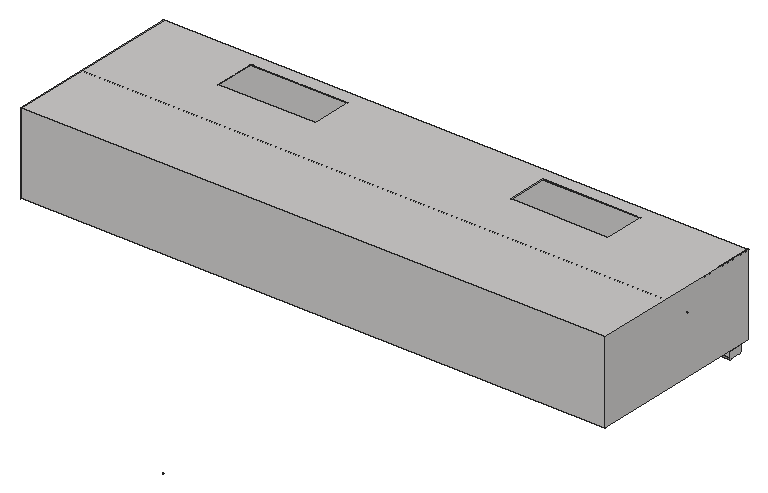
Revit family "QF_ELECTROLUXPROFESSIONAL_642021_EP1136T", category Attrezzature speciali, Revit 2021
Family settings
  Quota connettore circolare = Usa diametro
  Tipo di parte = Normale
  Basato su piano di lavoro = No
  Sempre verticale = Sì
  Taglio con vuoti quando caricato = No
  Condiviso = No
  Punto di calcolo locali = No
Parameters (values of type "Standard")
  Weight = 85.00 kg
  Watts = 0 W
  Volts = 0 V
  URL Manufacturer = "https://www.electroluxprofessional.com/"
  URL = "https://www.electroluxprofessional.com/"
  Steam Supply Size = 0 mm
  Steam Supply Minimum Pressure = 0.0 Pa
  Steam Supply Maximum Pressure = 0.0 Pa
  Steam Consumption per Hour = 0
  Refrigeration Suction Line Size = 0 mm
  Refrigeration Liquid Line Size = 0 mm
  Refrigerant Compressor Remote = yes
  Prospetto di default = 0 mm
  Produttore = "Electrolux Professional"
  Phase = 0
  Modello = "EP1136T"
  Length Actual = 3600 mm  # constant formula
  Item Number = "642021"
  Hot Water Size = 0 mm
  Height Actual = 500 mm  # constant formula
  HP = "0 HP"
  Gas Size = 0 mm
  Gas KW = 0
  Gas Input Pressure = 0 W
  Direct Waste Size = 0 mm
  Descrizione = "304 S/S WALL HOOD+FILTERS 3600X1100MM"
  Depth Actual = 1100 mm  # constant formula
  Cycle = 0 Hz
  Condensate Return Size = 0 mm
  Compressed Air Volume = 0.0 L/s
  Compressed Air Size = 0 mm
  Compressed Air Pressure = 0.0 Pa
  Cold Water Size = 0 mm
  Accessory = yes
Reference planes
  plane 1 "Center (Front/Back)": y = 0
  plane 2: z = 0
  plane 3 "Center (Left/Right)": x = 150
  plane 4 "LEFT": x = -1650
  plane 5 "RIGHT": x = 1950
  plane 6 "BACK": y = 550
  plane 7 "FRONT": y = -550
  plane 8 "TOP": z = 2500
  plane 9 "Base": z = 2000
  plane 10: z = 1926
  plane 11 "DrainY": y = 485
  plane 12: x = -1647
  plane 13: through (0, 414.509, 2000.8) normal (0, 0.7314, 0.682)
  plane 14: y = 470
  plane 15: y = 220
  plane 16 "DrainX": x = 1830
  plane 17: x = -450
  plane 18: x = 750
  plane 19: x = -1050
  plane 20: x = 1350
  plane 21: x = 1947
  plane 22: x = 1740
  plane 23: x = 1920
  plane 24: x = -1610
  plane 25: x = -1245
  plane 26: x = -850
  plane 27: x = 1910
  plane 28: x = 1545
  plane 29: x = 1150
  plane 30: x = -47.5
  plane 31: x = 347.5
Forms (mm)
  Extrusion 1, solid, material "QF_Finishes_Stainless Steel"
    sketch origin (-1650, 0, 360) x (0, 1, 0) y (0, 0, 1)
      loop
        line (550, 1640) -> (550, 2140) -> (-550, 2140) -> (-550, 1640) -> (550, 1640)
    from 0 to 3
  Extrusion 2, solid, material "QF_Finishes_Stainless Steel"
    sketch origin (150, 0, 360) x (0, 1, 0) y (0, 0, 1)
      loop
        line (415.255, 1640) -> (550, 1640) -> (550, 2139.19) -> (549.2, 2139.19) -> (549.2, 1640.8) -> (415.876, 1640.8) -> (339.347, 1722.867) -> (349.609, 1732.436) -> (348.927, 1733.167) -> (337.934, 1722.917) -> (415.255, 1640)
      loop
        line (-82.203, 2139.19) -> (-82.203, 2118.6) -> (-31.047, 2118.6) -> (34.354, 2048.466) -> (46.028, 2059.352) -> (45.346, 2060.083) -> (34.403, 2049.879) -> (-30.612, 2119.6) -> (-81.203, 2119.6) -> (-81.203, 2139.19) -> (-82.203, 2139.19)
    from -1797 to 1797
  Extrusion 3, solid, material "QF_Finishes_Stainless Steel"
    sketch origin (1950, 0, 360) x (0, 1, 0) y (0, 0, 1)
      loop
        line (550, 1640) -> (550, 2140) -> (-550, 2140) -> (-550, 1640) -> (550, 1640)
    from 0 to -3
  Extrusion 4, solid, material "QF_Finishes_Stainless Steel"
    sketch origin (150, 0, 360) x (0, 1, 0) y (0, 0, 1)
      loop
        line (-550, 2140) -> (-550, 1640) -> (-549.2, 1640) -> (-549.2, 2139.19) -> (550, 2139.19) -> (550, 2140) -> (-550, 2140)
    from -1800 to 1800
  Extrusion 5, solid, material "QF_Finishes_Stainless Steel"
    sketch origin (150, 0, 360) x (0, 1, 0) y (0, 0, 1)
      loop
        line (534, 1640) -> (436, 1640) -> (436, 1627) -> (443.5, 1627) -> (443.5, 1576)
        arc (443.5, 1576) -> (446.429, 1568.929) -> (453.5, 1566) r 10
        line (453.5, 1566) -> (516.5, 1566)
        arc (516.5, 1566) -> (523.571, 1568.929) -> (526.5, 1576) r 10
        line (526.5, 1576) -> (526.5, 1627) -> (534, 1627) -> (534, 1640)
    from 1590 to 1770
  Extrusion 6, solid, material "QF_Finishes_Stainless Steel"
    sketch origin (0, 0, 2000) x (0, 1, 0) y (-1, 0, 0)
      loop
        circle (485, -1830) r 20
    from -76 to -74
  Extrusion 7, solid, material "QF_Finished_Chrome"
    sketch origin (150, 0, 360) x (0, 1, 0) y (0, 0, 1)
      loop
        line (337.934, 1722.917) -> (341.591, 1726.327) -> (38.011, 2051.876) -> (34.354, 2048.466) -> (337.934, 1722.917)
    from -1395 to -1760
  Extrusion 8, solid, material "QF_Finished_Chrome"
    sketch origin (150, 0, 360) x (0, 1, 0) y (0, 0, 1)
      loop
        line (337.934, 1722.917) -> (341.591, 1726.327) -> (38.011, 2051.876) -> (34.354, 2048.466) -> (337.934, 1722.917)
    from -197.5 to -1000
  Extrusion 9, solid, material "QF_Finishes_Stainless Steel"
    sketch origin (150, 0, 360) x (0, 1, 0) y (0, 0, 1)
      loop
        line (337.934, 1722.917) -> (341.591, 1726.327) -> (38.011, 2051.876) -> (34.354, 2048.466) -> (337.934, 1722.917)
    from 1797 to 1760
  Extrusion 10, solid, material "QF_Finishes_Stainless Steel"
    sketch origin (150, 0, 360) x (0, 1, 0) y (0, 0, 1)
      loop
        line (341.588, 1726.324) -> (38.009, 2051.874) -> (34.354, 2048.466) -> (337.934, 1722.917) -> (341.588, 1726.324)
    from -1395 to -1000
  Extrusion 11, solid, material "QF_Finished_Chrome"
    sketch origin (150, 0, 360) x (0, 1, 0) y (0, 0, 1)
      loop
        line (341.588, 1726.324) -> (38.009, 2051.874) -> (34.354, 2048.466) -> (337.934, 1722.917) -> (341.588, 1726.324)
    from 1395 to 1760
  Extrusion 12, void
    sketch origin (0, 0, 2500) x (0, 1, 0) y (-1, 0, 0)
      loop
        line (470, 1050) -> (220, 1050) -> (220, 450) -> (470, 450) -> (470, 1050)
    from 0 to -10
  Extrusion 13, void
    sketch origin (940, 0, 2500) x (0, 1, 0) y (-1, 0, 0)
      loop
        line (470, 190) -> (220, 190) -> (220, -410) -> (470, -410) -> (470, 190)
    from 0 to -10
  Extrusion 14, solid, material "QF_Finishes_Stainless Steel"
    sketch origin (0, 0, 0) x (1, 0, 0) y (0, 1, 0)
      loop
        line (-1650, 550) -> (-1650, 549) -> (-1649, 549) -> (-1649, 550) -> (-1650, 550)
    from 0 to 1
  Extrusion 15, solid, material "QF_Finishes_Stainless Steel"
    sketch origin (150, 0, 360) x (0, 1, 0) y (0, 0, 1)
      loop
        line (337.934, 1722.917) -> (341.591, 1726.327) -> (38.011, 2051.876) -> (34.354, 2048.466) -> (337.934, 1722.917)
    from -1760 to -1797
  Extrusion 16, solid, material "QF_Finishes_Stainless Steel"
    sketch origin (150, 0, 360) x (0, 1, 0) y (0, 0, -1)
      loop
        line (341.588, -1726.324) -> (337.934, -1722.917) -> (34.354, -2048.466) -> (38.009, -2051.874) -> (341.588, -1726.324)
    from -1395 to -1000
  Extrusion 17, solid, material "QF_Finished_Chrome"
    sketch origin (150, 0, 360) x (0, 1, 0) y (0, 0, 1)
      loop
        line (337.934, 1722.917) -> (341.591, 1726.327) -> (38.011, 2051.876) -> (34.354, 2048.466) -> (337.934, 1722.917)
    from 1000 to 197.5
  Extrusion 18, solid, material "QF_Finishes_Stainless Steel"
    sketch origin (150, 0, 360) x (0, 1, 0) y (0, 0, -1)
      loop
        line (341.588, -1726.324) -> (337.934, -1722.917) -> (34.354, -2048.466) -> (38.009, -2051.874) -> (341.588, -1726.324)
    from -197.5 to 197.5
Cuts and joins
  Extrusion 12, Extrusion 13 cuts Extrusion 4
  joined: Extrusion 2, Extrusion 4
Lines and regions (mm)
  reference lines
    curve 1: line (150, 34.354, 2408.466) -> (150, 34.354, 2248.466)
  symbolic lines, style "SpecialityEquipment", detail levels coarse
    curve 2: line (1950, 550, 2500) -> (-1650, 550, 2500)
    curve 3: line (-1650, 550, 2500) -> (-1650, -550, 2500)
    curve 4: line (1950, -550, 2500) -> (1950, 550, 2500)
    curve 5: line (-1650, -550, 2500) -> (1950, -550, 2500)
    curve 6: line (-1050, 220, 2500) -> (-450, 220, 2500)
    curve 7: line (-1050, 470, 2500) -> (-1050, 220, 2500)
    curve 8: line (-450, 470, 2500) -> (-1050, 470, 2500)
    curve 9: line (-450, 220, 2500) -> (-450, 470, 2500)
    curve 10: line (750, 470, 2500) -> (750, 220, 2500)
    curve 11: line (750, 220, 2500) -> (1350, 220, 2500)
    curve 12: line (1350, 470, 2500) -> (750, 470, 2500)
    curve 13: line (1350, 220, 2500) -> (1350, 470, 2500)
    curve 14: line (-1650, 550, 0) -> (1950, -550, 0)
    curve 15: line (1950, 550, 0) -> (-1650, -550, 0)
Dimensions and locks
  plane 4 "LEFT" to plane 5 "RIGHT" = 3600 mm
  equal spacing: plane 4 "LEFT", plane 3 "Center (Left/Right)", plane 5 "RIGHT"
  plane 9 "Base" to plane 10 = 74 mm
  plane 6 "BACK" to plane 11 "DrainY" = 65 mm  (x2)
  plane 4 "LEFT" to plane 12 = 3 mm
  plane 6 "BACK" to plane 14 = 80 mm
  plane 14 to plane 15 = 250 mm  (x2)
  plane 16 "DrainX" to plane 5 "RIGHT" = 120 mm
  locked: plane 17 to plane 18 at 1200
  equal spacing: plane 17, plane 3 "Center (Left/Right)", plane 18
  plane 19 to plane 17 = 600 mm
  plane 18 to plane 20 = 600 mm
  plane 21 to plane 5 "RIGHT" = 3 mm
  locked: plane 22 to plane 16 "DrainX" at 90
  locked: plane 16 "DrainX" to plane 23 at 90
  plane 6 "BACK" to plane 7 "FRONT" = 1100 mm  (x2)
  equal spacing: plane 6 "BACK", plane 1 "Center (Front/Back)", plane 7 "FRONT"
  plane 15 to plane 7 "FRONT" = 770 mm
  plane 14 to plane 6 "BACK" = 80 mm
  locked: plane 4 "LEFT" to plane 24 at 40
  locked: plane 24 to plane 25 at 365
  locked: plane 25 to plane 26 at 395
  locked: plane 27 to plane 28 at 365
  locked: plane 28 to plane 29 at 395
  locked: plane 27 to plane 5 "RIGHT" at 40
  locked: plane 30 to plane 31 at 395
  equal spacing: plane 30, plane 3 "Center (Left/Right)", plane 31
  plane 26 to plane 30 = 802.5 mm
  plane 31 to plane 29 = 802.5 mm
  locked: plane 9 "Base" to level at 2000
  locked: plane 8 "TOP" to plane 9 "Base" at 500
  aligned and locked: level to plane 2
  aligned and locked: Extrusion 2 to Extrusion 1
  aligned and locked: Extrusion 2 to Extrusion 3
  aligned and locked: plane 5 "RIGHT" to Extrusion 4
  aligned and locked: Extrusion 4 to plane 4 "LEFT"
  aligned and locked: plane 21 to Extrusion 9
  aligned and locked: plane 19 to Extrusion 12
  aligned and locked: Extrusion 12 to plane 17
  aligned and locked: Extrusion 12 to plane 15
  aligned and locked: Extrusion 12 to plane 14
  aligned and locked: Extrusion 13 to plane 20
  aligned and locked: plane 18 to Extrusion 13
  aligned and locked: Extrusion 2 to Extrusion 4
  aligned and locked: plane 23 to Extrusion 5
  aligned and locked: Extrusion 5 to plane 22
  aligned and locked: Extrusion 9 to plane 27
  aligned and locked: Extrusion 11 to plane 27
  aligned and locked: Extrusion 11 to plane 28
  aligned and locked: Extrusion 8 to plane 26
  aligned and locked: plane 26 to Extrusion 10
  aligned and locked: Extrusion 10 to plane 25
  aligned and locked: plane 25 to Extrusion 7
  aligned and locked: Extrusion 7 to plane 24
  aligned and locked: Extrusion 15 to plane 12
  aligned and locked: plane 24 to Extrusion 15
  aligned and locked: Extrusion 16 to plane 29
  aligned and locked: Extrusion 16 to plane 28
  aligned and locked: Extrusion 3 to plane 21
  aligned and locked: plane 30 to Extrusion 8
  aligned and locked: Extrusion 17 to plane 29
  aligned and locked: Extrusion 17 to plane 31
  aligned and locked: plane 31 to Extrusion 18
  aligned and locked: Extrusion 18 to plane 30
Automatic sketch dimensions
  curve 5 to plane 4 "LEFT" = 0 mm
  curve 5 to plane 7 "FRONT" = 0 mm
  curve 9 to plane 15 = 0 mm
  curve 10 to plane 15 = 0 mm
  plane 14 to curve 8 = 0 mm
  plane 14 to curve 12 = 0 mm
  curve 3 to plane 6 "BACK" = 0 mm
  curve 5 to plane 5 "RIGHT" = 0 mm
  curve 11 to plane 20 = 0 mm
  curve 10 to plane 18 = 0 mm
  curve 6 to plane 17 = 0 mm
  curve 6 to plane 19 = 0 mm
  Extrusion 1 sketch curve to plane 9 "Base" = 0 mm
  Extrusion 1 sketch curve to plane 6 "BACK" = 0 mm
  Extrusion 1 sketch curve to plane 8 "TOP" = 0 mm
  Extrusion 2 sketch curve to plane 13 = 0 mm  (x3)
  Extrusion 2 sketch curve to plane 9 "Base" = 0 mm
  plane 13 to Extrusion 2 sketch curve = 0 mm
  Extrusion 2 sketch curve to plane 6 "BACK" = 0 mm
  Extrusion 2 sketch curve to Extrusion 2 sketch curve = 65.646 mm
  Extrusion 2 sketch curve to Extrusion 2 sketch curve = 0.682 mm  (x2)
  Extrusion 2 sketch curve to Extrusion 2 sketch curve = 10.261 mm
  plane 9 "Base" to Extrusion 2 sketch curve = 82.917 mm
  Extrusion 2 sketch curve to plane 1 "Center (Front/Back)" = 46.028 mm
  Extrusion 2 sketch curve to Extrusion 2 sketch curve = 10.942 mm
  Extrusion 2 sketch curve to Extrusion 2 sketch curve = 0.049 mm
  Extrusion 2 sketch curve to plane 8 "TOP" = 20.4 mm
  Extrusion 2 sketch curve to plane 8 "TOP" = 21.4 mm
  Extrusion 2 sketch curve to plane 8 "TOP" = 0.81 mm  (x2)
  Extrusion 2 sketch curve to Extrusion 2 sketch curve = 50.156 mm
  Extrusion 2 sketch curve to Extrusion 2 sketch curve = 1 mm
  plane 9 "Base" to Extrusion 2 sketch curve = 0.8 mm
  Extrusion 2 sketch curve to plane 6 "BACK" = 0.8 mm
  Extrusion 3 sketch curve to plane 9 "Base" = 0 mm
  Extrusion 3 sketch curve to plane 6 "BACK" = 0 mm
  Extrusion 3 sketch curve to plane 8 "TOP" = 0 mm
  Extrusion 4 sketch curve to plane 7 "FRONT" = 0 mm
  Extrusion 4 sketch curve to plane 6 "BACK" = 0 mm
  Extrusion 4 sketch curve to plane 8 "TOP" = 0 mm
  plane 7 "FRONT" to Extrusion 4 sketch curve = 0.8 mm
  Extrusion 4 sketch curve to plane 8 "TOP" = 0.81 mm
  curve 1 to plane 13 = 0 mm
  curve 1 to plane 1 "Center (Front/Back)" = 34.354 mm
  Extrusion 5 sketch curve to plane 9 "Base" = 0 mm
  Extrusion 5 sketch curve to plane 10 = 0 mm
  Extrusion 5 sketch curve to plane 9 "Base" = 13 mm  (x2)
  plane 14 to Extrusion 5 sketch curve = 34 mm
  Extrusion 5 sketch curve to Extrusion 5 sketch curve = 7.5 mm  (x2)
  Extrusion 5 sketch curve to Extrusion 5 sketch curve = 10 mm
  plane 11 "DrainY" to Extrusion 5 sketch curve = 31.5 mm
  Extrusion 5 sketch curve to plane 6 "BACK" = 23.5 mm
  Extrusion 6 sketch curve to plane 11 "DrainY" = 0 mm
  Extrusion 6 sketch curve to plane 16 "DrainX" = 0 mm
  Extrusion 7 sketch curve to plane 13 = 0 mm  (x2)
  Extrusion 7 sketch curve to plane 1 "Center (Front/Back)" = 34.354 mm
  Extrusion 7 sketch curve to Extrusion 7 sketch curve = 3.657 mm
  plane 9 "Base" to Extrusion 7 sketch curve = 82.917 mm
  Extrusion 8 sketch curve to plane 13 = 0 mm  (x2)
  Extrusion 8 sketch curve to plane 1 "Center (Front/Back)" = 34.354 mm
  Extrusion 8 sketch curve to Extrusion 8 sketch curve = 3.657 mm
  plane 9 "Base" to Extrusion 8 sketch curve = 82.917 mm
  Extrusion 9 sketch curve to plane 13 = 0 mm  (x2)
  Extrusion 9 sketch curve to plane 1 "Center (Front/Back)" = 34.354 mm
  Extrusion 9 sketch curve to Extrusion 9 sketch curve = 3.657 mm
  plane 9 "Base" to Extrusion 9 sketch curve = 82.917 mm
  Extrusion 10 sketch curve to plane 13 = 0 mm  (x2)
  Extrusion 10 sketch curve to plane 1 "Center (Front/Back)" = 34.354 mm
  Extrusion 10 sketch curve to Extrusion 10 sketch curve = 3.655 mm
  plane 9 "Base" to Extrusion 10 sketch curve = 82.917 mm
  Extrusion 11 sketch curve to plane 13 = 0 mm  (x2)
  Extrusion 11 sketch curve to plane 1 "Center (Front/Back)" = 34.354 mm
  Extrusion 11 sketch curve to Extrusion 11 sketch curve = 3.655 mm
  plane 9 "Base" to Extrusion 11 sketch curve = 82.917 mm
  Extrusion 12 sketch curve to plane 15 = 0 mm
  plane 14 to Extrusion 12 sketch curve = 0 mm
  Extrusion 12 sketch curve to plane 17 = 0 mm
  Extrusion 12 sketch curve to plane 19 = 0 mm
  Extrusion 13 sketch curve to plane 15 = 0 mm
  plane 14 to Extrusion 13 sketch curve = 0 mm
  Extrusion 13 sketch curve to plane 20 = 0 mm
  Extrusion 13 sketch curve to plane 18 = 0 mm
  Extrusion 14 sketch curve to plane 4 "LEFT" = 0 mm
  Extrusion 14 sketch curve to plane 6 "BACK" = 0 mm
  plane 4 "LEFT" to Extrusion 14 sketch curve = 1 mm
  Extrusion 14 sketch curve to Extrusion 14 sketch curve = 1 mm
  Extrusion 15 sketch curve to plane 13 = 0 mm  (x2)
  Extrusion 15 sketch curve to plane 1 "Center (Front/Back)" = 34.354 mm
  Extrusion 15 sketch curve to Extrusion 15 sketch curve = 3.657 mm
  plane 9 "Base" to Extrusion 15 sketch curve = 82.917 mm
  Extrusion 16 sketch curve to plane 13 = 0 mm  (x2)
  Extrusion 16 sketch curve to plane 1 "Center (Front/Back)" = 34.354 mm
  Extrusion 16 sketch curve to Extrusion 16 sketch curve = 3.655 mm
  plane 9 "Base" to Extrusion 16 sketch curve = 82.917 mm
  Extrusion 17 sketch curve to plane 13 = 0 mm  (x2)
  Extrusion 17 sketch curve to plane 1 "Center (Front/Back)" = 34.354 mm
  Extrusion 17 sketch curve to Extrusion 17 sketch curve = 3.657 mm
  plane 9 "Base" to Extrusion 17 sketch curve = 82.917 mm
  Extrusion 18 sketch curve to plane 13 = 0 mm  (x2)
  Extrusion 18 sketch curve to plane 1 "Center (Front/Back)" = 34.354 mm
  Extrusion 18 sketch curve to Extrusion 18 sketch curve = 3.655 mm
  plane 9 "Base" to Extrusion 18 sketch curve = 82.917 mm
  Extrusion 4 sketch curve to Extrusion 4 sketch curve = 499.19 mm
  curve 1 to curve 1 = 160 mm
  Extrusion 1 sketch curve to plane 7 "FRONT" = 0 mm
  Extrusion 3 sketch curve to plane 7 "FRONT" = 0 mm
  curve 15 to plane 4 "LEFT" = 0 mm
  curve 14 to plane 4 "LEFT" = 0 mm
  curve 15 to plane 5 "RIGHT" = 0 mm
  curve 14 to plane 5 "RIGHT" = 0 mm
  curve 14 to plane 7 "FRONT" = 0 mm
  curve 15 to plane 7 "FRONT" = 0 mm
  curve 15 to plane 6 "BACK" = 0 mm
  curve 14 to plane 6 "BACK" = 0 mm
  radius of Extrusion 6 sketch curve = 20 mm
Connectors
  piping at (1830, 485, 1924), diameter 20
    settings: on Extrusion 6, index 1, connector inside diameter 609.6 mm, connector length 0 mm, flow factor 0, pipe flow 0.0 L/s, pressure drop 0.0 Pa, fitting loss kfactor 0, connector angle 0.00°, fixture units 0, engagement length 0 mm, angle of deflection 0.00°, flow configuration 1, flow direction 2, fitting loss method 0, system type 16, joint type 0, gender type 0, connector reference index -1, connector utility 0, adjustable connector no, is connector primary yes, connector description "Drain"
  hvac at (-750, 345, 2500)
    settings: on Extrusion 12, index 2, duct flow 0.0 L/s, flow factor 0, pres drop 0.0 Pa, loss coef 0, conn angle 0.00°, conn width 250 mm, conn height 600 mm, conn diameter 609.6 mm, duct sys type 3, conn prof type 1, flow config 1, flow direction 0, loss method 0, conn ref index -1, conn util no, is conn primary yes, conn desc "EXHAUST OUTLET"
  hvac at (1050, 345, 2500)
    settings: on Extrusion 13, index 3, duct flow 0.0 L/s, flow factor 0, pres drop 0.0 Pa, loss coef 0, conn angle 0.00°, conn width 250 mm, conn height 600 mm, conn diameter 609.6 mm, duct sys type 3, conn prof type 1, flow config 1, flow direction 0, loss method 0, conn ref index -1, conn util no, is conn primary no, conn desc "EXHAUST OUTLET"
